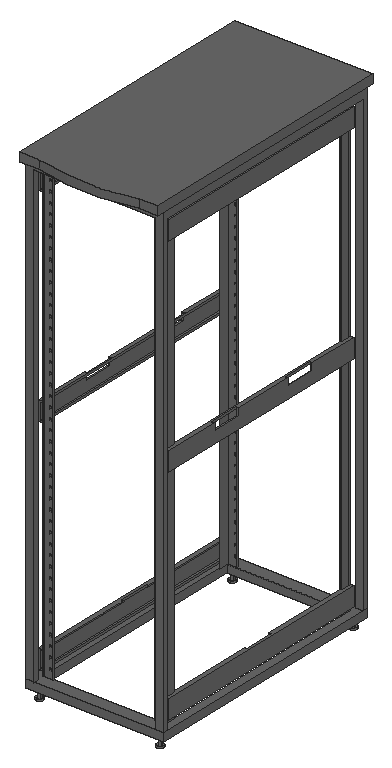
Revit family "V62A-45U-Without doors-08.04.14", category Electrical Equipment, Revit 2013
Parameters (values of type "V62A-45U")
  Weight = 0.00 lbf
  Visibility Door Right [instance] = and(Side Panel Right, not(Hide Doors))  # no
  Visibility Door Left [instance] = and(Side Panel Left, not(Hide Doors))  # no
  Visibility Door Front [instance] = and(Door Front, not(Hide Doors))  # no
  Visibility Door Back [instance] = and(Door Back, not(Hide Doors))  # no
  Version = ""
  Usable Depth = 1006.00 mm
  U/M = "EA"
  U Space = "45"
  System = "VPOD"
  Side Panel Right = no
  Side Panel Left = no
  Serial Number = ""
  Segment = "CSS"
  Ports = 0
  Mounting rail 45 U = SIEMON STEEL
  Mounting Rail Material = SIEMON STEEL
  Model = "V62A"
  Metal = SIEMON STEEL
  Manufacturer = "SIEMON"
  Lock = ""
  Loaded/Empty = "N/A"
  Item Group = "RACKS"
  Item Class = "1F"
  Hide Doors [instance] = no
  Door Front = no
  Door Construction Side = if(and(Side Panel Right, Side Panel Left), 2, if(and(not(Side Panel Right), not(Side Panel Left)), 0, 1))  # 0
  Door Construction Front = ""
  Door Construction Back = ""
  Door Back = no
  Description = "WARNING: PLEASE RELOAD FAMILY USING THE TYPE CATALOG"
  Color = "BLACK"
  Cabinet Width Overall = 600.00 mm
  Cabinet Height = 2150.00 mm
  Cabinet Depth = 1200.00 mm
Reference planes
  plane 1 "Center (Front/Back)": y = 0
  plane 2: z = 0
  plane 3 "Center (Left/Right)": x = 0
  plane 4: z = 2011.4
  plane 5: z = 1966.95
  plane 6: z = 1922.5
  plane 7: z = 1878.05
  plane 8: z = 1833.6
  plane 9: z = 1789.15
  plane 10: z = 1744.7
  plane 11: z = 1700.25
  plane 12: z = 1655.8
  plane 13: z = 1611.35
  plane 14: z = 1566.9
  plane 15: z = 1522.45
  plane 16: z = 1478
  plane 17: z = 1433.55
  plane 18: z = 1389.1
  plane 19: z = 1344.65
  plane 20: z = 1300.2
  plane 21: z = 1255.75
  plane 22: z = 1211.3
  plane 23: z = 1166.85
  plane 24: z = 1122.4
  plane 25: z = 1077.95
  plane 26: z = 1033.5
  plane 27: z = 989.05
  plane 28: z = 944.6
  plane 29: z = 900.15
  plane 30: z = 855.7
  plane 31: z = 811.25
  plane 32: z = 766.8
  plane 33: z = 722.35
  plane 34: z = 677.9
  plane 35: z = 633.45
  plane 36: z = 589
  plane 37: z = 544.55
  plane 38: z = 500.1
  plane 39: z = 455.65
  plane 40: z = 411.2
  plane 41: z = 366.75
  plane 42: z = 322.3
  plane 43: z = 277.85
  plane 44: z = 233.4
  plane 45: z = 188.95
  plane 46: z = 144.5
  plane 47: z = 100.05
  plane 48: z = 2055.85
Forms (mm)
  Extrusion 1, solid, material "SIEMON STEEL" <- "Mounting rail 45 U"
    sketch origin (0, -15, 10) x (1, 0, 0) y (0, 1, 0)
      loop
        line (301.386, 1185.006) -> (-298.7, 1185.006) -> (-298.7, 75) -> (301.386, 75) -> (301.386, 1185.006)
    from 2067.5 to 2098.45
  Extrusion 2, solid, material "SIEMON STEEL" <- "Mounting rail 45 U"
    sketch origin (0.137, -90, 0) x (1, 0, 0) y (0, 1, 0)
      loop
        line (266.25, 170.06) -> (266.25, 150) -> (301.25, 150) -> (301.25, 170.06) -> (266.25, 170.06)
      loop
        line (-298.75, 170.06) -> (-298.75, 150) -> (-263.75, 150) -> (-263.75, 170.06) -> (-298.75, 170.06)
      loop
        line (301.25, 1239.94) -> (301.25, 1260) -> (266.25, 1260) -> (266.25, 1239.94) -> (301.25, 1239.94)
      loop
        line (-298.75, 1239.94) -> (-263.75, 1239.94) -> (-263.75, 1260) -> (-298.75, 1260) -> (-298.75, 1239.94)
    from 76.059 to 2077.5
  Extrusion 3, solid, material "SIEMON STEEL" <- "Mounting Rail Material"
    sketch origin (0.02, 0, 17.656) x (1, 0, 0) y (0, 1, 0)
      loop
        line (-298.72, 1170.014) -> (-298.72, 60) -> (301.366, 60) -> (301.366, 1170.014) -> (-298.72, 1170.014)
      loop
        line (-265, 1114.655) -> (-265, 116.7) -> (265, 116.7) -> (265, 1114.655) -> (-265, 1114.655)
    from 23.024 to 58.374
  Extrusion 4, solid, material "SIEMON STEEL", detail levels medium+fine
    sketch origin (-25.335, 747.951, 0) x (1, 0, 0) y (0, 1, 0)
      loop
        circle (289.695, 392.503) r 15
    from 0 to 5.027
  Extrusion 5, solid, material "SIEMON STEEL"
    sketch origin (114.531, 200, 5) x (1, 0, 0) y (0, 1, 0)
      loop
        circle (149.594, 940.281) r 6
    from 0.027 to 35.68
  Extrusion 6, solid, material "SIEMON STEEL", detail levels medium+fine
    sketch origin (554.046, 480.196, 0) x (-1, 0, 0) y (0, -1, 0)
      loop
        circle (289.695, 392.503) r 15
    from 0 to 5.027
  Extrusion 7, solid, material "SIEMON STEEL"
    sketch origin (413.75, 1028.147, 3.439) x (-1, 0, 0) y (0, -1, 0)
      loop
        circle (149.594, 940.281) r 6
    from 1.589 to 37.242
  Extrusion 8, solid, material "SIEMON STEEL"
    sketch origin (0, -0.108, 10) x (1, 0, 0) y (0, 1, 0)
      loop
        line (-298.7, 27.143) -> (-215.299, 27.143)
        arc (-215.299, 27.143) -> (1.343, -0.26) -> (217.986, 27.143) r 870.066
        line (217.986, 27.143) -> (301.386, 27.143) -> (301.386, 1200.156) -> (-298.7, 1200.156) -> (-298.7, 27.143)
    from 2102.5 to 2140
  Extrusion 9, solid, material "SIEMON STEEL", detail levels medium+fine
    sketch origin (28.022, 747.951, 0) x (-1, 0, 0) y (0, -1, 0)
      loop
        circle (289.695, -392.503) r 15
    from 0 to 5.027
  Extrusion 10, solid, material "SIEMON STEEL"
    sketch origin (-111.845, 200, 5) x (-1, 0, 0) y (0, -1, 0)
      loop
        circle (149.594, -940.281) r 6
    from 0.027 to 35.68
  Extrusion 11, solid, material "SIEMON STEEL", detail levels medium+fine
    sketch origin (-551.36, 480.196, 0) x (1, 0, 0) y (0, 1, 0)
      loop
        circle (289.695, -392.503) r 15
    from 0 to 5.027
  Extrusion 12, solid, material "SIEMON STEEL"
    sketch origin (-411.064, 1028.147, 3.439) x (1, 0, 0) y (0, 1, 0)
      loop
        circle (149.594, -940.281) r 6
    from 1.589 to 37.242
Cuts and joins
  joined: Extrusion 1, Extrusion 2
Lines and regions (mm)
  Masking region 1, detail levels medium+fine
    outline origin (0, 0, 0) x (1, 0, 0) y (0, 1, 0)
      loop
        line (300, 1000.156) -> (-300, 1000.156) -> (-300, 27.5) -> (-297.984, 27.5)
        arc (-297.984, 27.5) -> (0, 0.5) -> (297.984, 27.5) r 1657.82
        line (297.984, 27.5) -> (300, 27.5) -> (300, 1000.156)
  symbolic lines, detail levels fine
    curve 1: line (-256.65, 1060, 65.3) -> (-256.65, 1060, 61.35)
    curve 2: line (256.65, 1060, 61.35) -> (256.65, 1060, 65.3)
  model lines, detail levels coarse+fine
    curve 3: line (231.288, 818.57, 2151.25) -> (-226.125, 818.57, 2151.25)
    curve 4: line (235.29, 814.567, 2151.25) -> (231.288, 818.57, 2151.25)
    curve 5: circle (-150.602, 805.152, 2151.25) r 6.221 normal (0, 0, 1)
    curve 6: circle (160.076, 805.152, 2151.25) r 6.221 normal (0, 0, 1)
    curve 7: line (231.288, 653.292, 2151.25) -> (-226.125, 653.292, 2151.25)
    curve 8: line (-226.125, 653.292, 2151.25) -> (-230.127, 657.295, 2151.25)
    curve 9: line (-230.127, 657.295, 2151.25) -> (-230.127, 814.567, 2151.25)
    curve 10: line (235.29, 814.567, 2151.25) -> (235.29, 657.295, 2151.25)
    curve 11: line (235.29, 657.295, 2151.25) -> (231.288, 653.292, 2151.25)
    curve 12: circle (-150.602, 666.71, 2151.25) r 6.221 normal (0, 0, -1)
    curve 13: circle (160.076, 666.71, 2151.25) r 6.221 normal (0, 0, -1)
    curve 14: line (-230.127, 814.567, 2151.25) -> (-226.125, 818.57, 2151.25)
    curve 15: line (231.288, 628.257, 2151.25) -> (-226.125, 628.257, 2151.25)
    curve 16: line (235.29, 624.254, 2151.25) -> (231.288, 628.257, 2151.25)
    curve 17: circle (-150.602, 614.839, 2151.25) r 6.221 normal (0, 0, 1)
    curve 18: circle (160.076, 614.839, 2151.25) r 6.221 normal (0, 0, 1)
    curve 19: line (231.288, 462.98, 2151.25) -> (-226.125, 462.98, 2151.25)
    curve 20: line (-226.125, 462.98, 2151.25) -> (-230.127, 466.982, 2151.25)
    curve 21: line (-230.127, 466.982, 2151.25) -> (-230.127, 624.254, 2151.25)
    curve 22: line (235.29, 624.254, 2151.25) -> (235.29, 466.982, 2151.25)
    curve 23: line (235.29, 466.982, 2151.25) -> (231.288, 462.98, 2151.25)
    curve 24: circle (-150.602, 476.398, 2151.25) r 6.221 normal (0, 0, -1)
    curve 25: circle (160.076, 476.398, 2151.25) r 6.221 normal (0, 0, -1)
    curve 26: line (-230.127, 624.254, 2151.25) -> (-226.125, 628.257, 2151.25)
    curve 27: line (231.288, 281.07, 2151.25) -> (-226.125, 281.07, 2151.25)
    curve 28: line (235.29, 277.067, 2151.25) -> (231.288, 281.07, 2151.25)
    curve 29: circle (-150.602, 267.652, 2151.25) r 6.221 normal (0, 0, 1)
    curve 30: circle (160.076, 267.652, 2151.25) r 6.221 normal (0, 0, 1)
    curve 31: line (231.288, 115.792, 2151.25) -> (-226.125, 115.792, 2151.25)
    curve 32: line (-226.125, 115.792, 2151.25) -> (-230.127, 119.795, 2151.25)
    curve 33: line (-230.127, 119.795, 2151.25) -> (-230.127, 277.067, 2151.25)
    curve 34: line (235.29, 277.067, 2151.25) -> (235.29, 119.795, 2151.25)
    curve 35: line (235.29, 119.795, 2151.25) -> (231.288, 115.792, 2151.25)
    curve 36: circle (-150.602, 129.21, 2151.25) r 6.221 normal (0, 0, -1)
    curve 37: circle (160.076, 129.21, 2151.25) r 6.221 normal (0, 0, -1)
    curve 38: line (-230.127, 277.067, 2151.25) -> (-226.125, 281.07, 2151.25)
    curve 39: line (231.288, 1076.222, 2151.25) -> (-226.125, 1076.222, 2151.25)
    curve 40: line (235.29, 1072.219, 2151.25) -> (231.288, 1076.222, 2151.25)
    curve 41: circle (-150.602, 1062.804, 2151.25) r 6.221 normal (0, 0, 1)
    curve 42: circle (160.076, 1062.804, 2151.25) r 6.221 normal (0, 0, 1)
    curve 43: line (231.288, 910.945, 2151.25) -> (-226.125, 910.945, 2151.25)
    curve 44: line (-226.125, 910.945, 2151.25) -> (-230.127, 914.947, 2151.25)
    curve 45: line (-230.127, 914.947, 2151.25) -> (-230.127, 1072.219, 2151.25)
    curve 46: line (235.29, 1072.219, 2151.25) -> (235.29, 914.947, 2151.25)
    curve 47: line (235.29, 914.947, 2151.25) -> (231.288, 910.945, 2151.25)
    curve 48: circle (-150.602, 924.363, 2151.25) r 6.221 normal (0, 0, -1)
    curve 49: circle (160.076, 924.363, 2151.25) r 6.221 normal (0, 0, -1)
    curve 50: line (-230.127, 1072.219, 2151.25) -> (-226.125, 1076.222, 2151.25)
  model lines
    curve 51: line (-218.947, 1110.919, 2151.25) -> (224.111, 1110.919, 2151.25)
    curve 52: line (-288.127, 1041.739, 2151.25) -> (-288.127, 497.462, 2151.25)
    curve 53: line (-219.266, 428.6, 2151.25) -> (224.429, 428.6, 2151.25)
    curve 54: line (290.233, 1044.798, 2151.25) -> (290.233, 494.404, 2151.25)
    curve 55: line (-218.947, 1110.919, 2151.25) -> (-288.127, 1041.739, 2151.25)
    curve 56: line (224.111, 1110.919, 2151.25) -> (290.233, 1044.798, 2151.25)
    curve 57: line (-219.266, 428.6, 2151.25) -> (-288.127, 497.462, 2151.25)
    curve 58: line (224.429, 428.6, 2151.25) -> (290.233, 494.404, 2151.25)
Dimensions and locks
  Extrusion 8 to Extrusion 6 = 2150.00 mm
  Extrusion 8 to Extrusion 8 = 600.086 mm
Nested families
  nested 1: "VersaPOD-Frame" at (0.084, 486.862, -7.333), type "VersaPOD-Frame"
  nested 2: "VersaPOD-Frame" at (0.853, 486.862, -7.333) x (-1, 0, 0) z (0, 0, 1), type "VersaPOD-Frame"
  nested 3: "VersaPOD-Frame" at (0.853, 743.86, -7.333) x (-1, 0, 0) z (0, 0, 1), type "VersaPOD-Frame"
  nested 4: "VersaPOD-Frame" at (0.084, 743.841, -7.333), type "VersaPOD-Frame"
  nested 5: "CC" at (-177.79, 277.47, 1070.285) x (0, -1, 0) z (-1, 0, 0), type "CC"
  nested 6: "CC-new" at (-177.813, 952.635, 100.3) x (0, 1, 0) z (-1, 0, 0), type "CC-new"
  nested 7: "CC-new" at (-177.812, 952.44, 1972.8) x (0, 1, 0) z (-1, 0, 0), type "CC-new"
  nested 8: "CC-new" at (179.032, 952.44, 1972.8) x (0, 1, 0) z (1, 0, 0), type "CC-new"
  nested 9: "CC" at (178.574, 277.47, 1070.285) x (0, -1, 0) z (1, 0, 0), type "CC"
  nested 10: "CC-new" at (178.373, 952.635, 100.3) x (0, 1, 0) z (1, 0, 0), type "CC-new"
Definition of nested family "VersaPOD-Frame"
  Parameters (values of type "VersaPOD-Frame")
    Material = none
    Assembly Code = ""
  Reference planes
    plane 1 "Center (Front/Back)": y = 0
    plane 2: z = 0
    plane 3 "Center (Left/Right)": x = 0
  Forms (mm)
    Extrusion 1, solid, material "SIEMON STEEL(1)"
      sketch origin (168.748, 374.529, 83.392) x (-1, 0, 0) y (0, 0, 1)
        loop
          line (-97.502, 2001.4) -> (-97.502, 0) -> (-54.5, 0) -> (-54.5, 2001.4) -> (-97.502, 2001.4)
        loop
          line (-66.648, 1999.2) -> (-66.648, 1989.7) -> (-57.148, 1989.7) -> (-57.148, 1999.2) -> (-66.648, 1999.2)
        loop
          line (-66.648, 1954.997) -> (-66.648, 1945.497) -> (-57.148, 1945.497) -> (-57.148, 1954.997) -> (-66.648, 1954.997)
        loop
          line (-66.648, 1901.097) -> (-57.148, 1901.097) -> (-57.148, 1910.597) -> (-66.648, 1910.597) -> (-66.648, 1901.097)
        loop
          line (-66.648, 1866.197) -> (-66.648, 1856.697) -> (-57.148, 1856.697) -> (-57.148, 1866.197) -> (-66.648, 1866.197)
        loop
          line (-66.648, 1777.397) -> (-66.648, 1767.897) -> (-57.148, 1767.897) -> (-57.148, 1777.397) -> (-66.648, 1777.397)
        loop
          line (-66.648, 1812.297) -> (-57.148, 1812.297) -> (-57.148, 1821.797) -> (-66.648, 1821.797) -> (-66.648, 1812.297)
        loop
          line (-66.648, 1599.797) -> (-66.648, 1590.297) -> (-57.148, 1590.297) -> (-57.148, 1599.797) -> (-66.648, 1599.797)
        loop
          line (-66.648, 1634.697) -> (-57.148, 1634.697) -> (-57.148, 1644.197) -> (-66.648, 1644.197) -> (-66.648, 1634.697)
        loop
          line (-66.648, 1723.497) -> (-57.148, 1723.497) -> (-57.148, 1732.997) -> (-66.648, 1732.997) -> (-66.648, 1723.497)
        loop
          line (-66.648, 1688.597) -> (-66.648, 1679.097) -> (-57.148, 1679.097) -> (-57.148, 1688.597) -> (-66.648, 1688.597)
        loop
          line (-66.648, 1244.597) -> (-66.648, 1235.097) -> (-57.148, 1235.097) -> (-57.148, 1244.597) -> (-66.648, 1244.597)
        loop
          line (-66.648, 1279.497) -> (-57.148, 1279.497) -> (-57.148, 1288.997) -> (-66.648, 1288.997) -> (-66.648, 1279.497)
        loop
          line (-66.648, 1368.297) -> (-57.148, 1368.297) -> (-57.148, 1377.797) -> (-66.648, 1377.797) -> (-66.648, 1368.297)
        loop
          line (-66.648, 1333.397) -> (-66.648, 1323.897) -> (-57.148, 1323.897) -> (-57.148, 1333.397) -> (-66.648, 1333.397)
        loop
          line (-66.648, 1545.897) -> (-57.148, 1545.897) -> (-57.148, 1555.397) -> (-66.648, 1555.397) -> (-66.648, 1545.897)
        loop
          line (-66.648, 1510.997) -> (-66.648, 1501.497) -> (-57.148, 1501.497) -> (-57.148, 1510.997) -> (-66.648, 1510.997)
        loop
          line (-66.648, 1422.197) -> (-66.648, 1412.697) -> (-57.148, 1412.697) -> (-57.148, 1422.197) -> (-66.648, 1422.197)
        loop
          line (-66.648, 1457.097) -> (-57.148, 1457.097) -> (-57.148, 1466.597) -> (-66.648, 1466.597) -> (-66.648, 1457.097)
        loop
          line (-66.648, 534.197) -> (-66.648, 524.697) -> (-57.148, 524.697) -> (-57.148, 534.197) -> (-66.648, 534.197)
        loop
          line (-66.648, 569.097) -> (-57.148, 569.097) -> (-57.148, 578.597) -> (-66.648, 578.597) -> (-66.648, 569.097)
        loop
          line (-66.648, 657.897) -> (-57.148, 657.897) -> (-57.148, 667.397) -> (-66.648, 667.397) -> (-66.648, 657.897)
        loop
          line (-66.648, 622.997) -> (-66.648, 613.497) -> (-57.148, 613.497) -> (-57.148, 622.997) -> (-66.648, 622.997)
        loop
          line (-66.648, 835.497) -> (-57.148, 835.497) -> (-57.148, 844.997) -> (-66.648, 844.997) -> (-66.648, 835.497)
        loop
          line (-66.648, 800.597) -> (-66.648, 791.097) -> (-57.148, 791.097) -> (-57.148, 800.597) -> (-66.648, 800.597)
        loop
          line (-66.648, 711.797) -> (-66.648, 702.297) -> (-57.148, 702.297) -> (-57.148, 711.797) -> (-66.648, 711.797)
        loop
          line (-66.648, 746.697) -> (-57.148, 746.697) -> (-57.148, 756.197) -> (-66.648, 756.197) -> (-66.648, 746.697)
        loop
          line (-66.648, 1190.697) -> (-57.148, 1190.697) -> (-57.148, 1200.197) -> (-66.648, 1200.197) -> (-66.648, 1190.697)
        loop
          line (-66.648, 1155.797) -> (-66.648, 1146.297) -> (-57.148, 1146.297) -> (-57.148, 1155.797) -> (-66.648, 1155.797)
        loop
          line (-66.648, 1066.997) -> (-66.648, 1057.497) -> (-57.148, 1057.497) -> (-57.148, 1066.997) -> (-66.648, 1066.997)
        loop
          line (-66.648, 1101.897) -> (-57.148, 1101.897) -> (-57.148, 1111.397) -> (-66.648, 1111.397) -> (-66.648, 1101.897)
        loop
          line (-66.648, 889.397) -> (-66.648, 879.897) -> (-57.148, 879.897) -> (-57.148, 889.397) -> (-66.648, 889.397)
        loop
          line (-66.648, 924.297) -> (-57.148, 924.297) -> (-57.148, 933.797) -> (-66.648, 933.797) -> (-66.648, 924.297)
        loop
          line (-66.648, 1013.097) -> (-57.148, 1013.097) -> (-57.148, 1022.597) -> (-66.648, 1022.597) -> (-66.648, 1013.097)
        loop
          line (-66.648, 978.197) -> (-66.648, 968.697) -> (-57.148, 968.697) -> (-57.148, 978.197) -> (-66.648, 978.197)
        loop
          line (-66.648, 480.297) -> (-57.148, 480.297) -> (-57.148, 489.797) -> (-66.648, 489.797) -> (-66.648, 480.297)
        loop
          line (-66.648, 445.397) -> (-66.648, 435.897) -> (-57.148, 435.897) -> (-57.148, 445.397) -> (-66.648, 445.397)
        loop
          line (-66.648, 356.597) -> (-66.648, 347.097) -> (-57.148, 347.097) -> (-57.148, 356.597) -> (-66.648, 356.597)
        loop
          line (-66.648, 391.497) -> (-57.148, 391.497) -> (-57.148, 400.997) -> (-66.648, 400.997) -> (-66.648, 391.497)
        loop
          line (-66.648, 178.997) -> (-66.648, 169.497) -> (-57.148, 169.497) -> (-57.148, 178.997) -> (-66.648, 178.997)
        loop
          line (-66.648, 213.897) -> (-57.148, 213.897) -> (-57.148, 223.397) -> (-66.648, 223.397) -> (-66.648, 213.897)
        loop
          line (-66.648, 302.697) -> (-57.148, 302.697) -> (-57.148, 312.197) -> (-66.648, 312.197) -> (-66.648, 302.697)
        loop
          line (-66.648, 267.797) -> (-66.648, 258.297) -> (-57.148, 258.297) -> (-57.148, 267.797) -> (-66.648, 267.797)
        loop
          line (-66.648, 125.097) -> (-57.148, 125.097) -> (-57.148, 134.597) -> (-66.648, 134.597) -> (-66.648, 125.097)
        loop
          line (-66.648, 90.197) -> (-66.648, 80.697) -> (-57.148, 80.697) -> (-57.148, 90.197) -> (-66.648, 90.197)
        loop
          line (-66.648, 36.297) -> (-57.148, 36.297) -> (-57.148, 45.797) -> (-66.648, 45.797) -> (-66.648, 36.297)
      from -2 to 0
    Extrusion 2, solid, material "SIEMON STEEL(1)"
      sketch origin (264.25, 275.026, 83.392) x (0, -1, 0) y (0, 0, 1)
        loop
          line (-97.502, 2001.4) -> (-97.502, 0) -> (-54.5, 0) -> (-54.5, 2001.4) -> (-97.502, 2001.4)
      from -2 to 0
  Lines and regions (mm)
    model lines
      curve 1: line (266.251, 332.174, 2082.592) -> (266.251, 341.674, 2082.592)
      curve 2: line (266.251, 332.174, 2073.092) -> (266.251, 332.174, 2082.592)
      curve 3: line (266.251, 341.674, 2073.092) -> (266.251, 332.174, 2073.092)
      curve 4: line (266.251, 341.674, 2082.592) -> (266.251, 341.674, 2073.092)
      curve 5: line (266.251, 332.174, 2038.311) -> (266.251, 341.674, 2038.311)
      curve 6: line (266.251, 332.174, 2028.811) -> (266.251, 332.174, 2038.311)
      curve 7: line (266.251, 341.674, 2028.811) -> (266.251, 332.174, 2028.811)
      curve 8: line (266.251, 341.674, 2038.311) -> (266.251, 341.674, 2028.811)
      curve 9: line (266.251, 332.174, 1993.911) -> (266.251, 341.674, 1993.911)
      curve 10: line (266.251, 332.174, 1984.411) -> (266.251, 332.174, 1993.911)
      curve 11: line (266.251, 341.674, 1984.411) -> (266.251, 332.174, 1984.411)
      curve 12: line (266.251, 341.674, 1993.911) -> (266.251, 341.674, 1984.411)
      curve 13: line (266.251, 332.174, 1772.269) -> (266.251, 341.674, 1772.269)
      curve 14: line (266.251, 332.174, 1762.769) -> (266.251, 332.174, 1772.269)
      curve 15: line (266.251, 341.674, 1762.769) -> (266.251, 332.174, 1762.769)
      curve 16: line (266.251, 341.674, 1772.269) -> (266.251, 341.674, 1762.769)
      curve 17: line (266.251, 332.174, 1727.988) -> (266.251, 341.674, 1727.988)
      curve 18: line (266.251, 332.174, 1718.488) -> (266.251, 332.174, 1727.988)
      curve 19: line (266.251, 341.674, 1718.488) -> (266.251, 332.174, 1718.488)
      curve 20: line (266.251, 341.674, 1727.988) -> (266.251, 341.674, 1718.488)
      curve 21: line (266.251, 332.174, 1683.588) -> (266.251, 341.674, 1683.588)
      curve 22: line (266.251, 332.174, 1674.088) -> (266.251, 332.174, 1683.588)
      curve 23: line (266.251, 341.674, 1674.088) -> (266.251, 332.174, 1674.088)
      curve 24: line (266.251, 341.674, 1683.588) -> (266.251, 341.674, 1674.088)
      curve 25: line (266.251, 332.174, 1461.827) -> (266.251, 341.674, 1461.827)
      curve 26: line (266.251, 332.174, 1452.327) -> (266.251, 332.174, 1461.827)
      curve 27: line (266.251, 341.674, 1452.327) -> (266.251, 332.174, 1452.327)
      curve 28: line (266.251, 341.674, 1461.827) -> (266.251, 341.674, 1452.327)
      curve 29: line (266.251, 332.174, 1417.547) -> (266.251, 341.674, 1417.547)
      curve 30: line (266.251, 332.174, 1408.047) -> (266.251, 332.174, 1417.547)
      curve 31: line (266.251, 341.674, 1408.047) -> (266.251, 332.174, 1408.047)
      curve 32: line (266.251, 341.674, 1417.547) -> (266.251, 341.674, 1408.047)
      curve 33: line (266.251, 332.174, 1373.147) -> (266.251, 341.674, 1373.147)
      curve 34: line (266.251, 332.174, 1363.647) -> (266.251, 332.174, 1373.147)
      curve 35: line (266.251, 341.674, 1363.647) -> (266.251, 332.174, 1363.647)
      curve 36: line (266.251, 341.674, 1373.147) -> (266.251, 341.674, 1363.647)
      curve 37: line (266.251, 332.174, 1151.505) -> (266.251, 341.674, 1151.505)
      curve 38: line (266.251, 332.174, 1142.005) -> (266.251, 332.174, 1151.505)
      curve 39: line (266.251, 341.674, 1142.005) -> (266.251, 332.174, 1142.005)
      curve 40: line (266.251, 341.674, 1151.505) -> (266.251, 341.674, 1142.005)
      curve 41: line (266.251, 332.174, 1107.224) -> (266.251, 341.674, 1107.224)
      curve 42: line (266.251, 332.174, 1097.724) -> (266.251, 332.174, 1107.224)
      curve 43: line (266.251, 341.674, 1097.724) -> (266.251, 332.174, 1097.724)
      curve 44: line (266.251, 341.674, 1107.224) -> (266.251, 341.674, 1097.724)
      curve 45: line (266.251, 332.174, 1062.824) -> (266.251, 341.674, 1062.824)
      curve 46: line (266.251, 332.174, 1053.324) -> (266.251, 332.174, 1062.824)
      curve 47: line (266.251, 341.674, 1053.324) -> (266.251, 332.174, 1053.324)
      curve 48: line (266.251, 341.674, 1062.824) -> (266.251, 341.674, 1053.324)
      curve 49: line (266.251, 332.174, 841.068) -> (266.251, 341.674, 841.068)
      curve 50: line (266.251, 332.174, 831.568) -> (266.251, 332.174, 841.068)
      curve 51: line (266.251, 341.674, 831.568) -> (266.251, 332.174, 831.568)
      curve 52: line (266.251, 341.674, 841.068) -> (266.251, 341.674, 831.568)
      curve 53: line (266.251, 332.174, 796.787) -> (266.251, 341.674, 796.787)
      curve 54: line (266.251, 332.174, 787.287) -> (266.251, 332.174, 796.787)
      curve 55: line (266.251, 341.674, 787.287) -> (266.251, 332.174, 787.287)
      curve 56: line (266.251, 341.674, 796.787) -> (266.251, 341.674, 787.287)
      curve 57: line (266.251, 332.174, 752.387) -> (266.251, 341.674, 752.387)
      curve 58: line (266.251, 332.174, 742.887) -> (266.251, 332.174, 752.387)
      curve 59: line (266.251, 341.674, 742.887) -> (266.251, 332.174, 742.887)
      curve 60: line (266.251, 341.674, 752.387) -> (266.251, 341.674, 742.887)
      curve 61: line (266.251, 332.174, 530.746) -> (266.251, 341.674, 530.746)
      curve 62: line (266.251, 332.174, 521.246) -> (266.251, 332.174, 530.746)
      curve 63: line (266.251, 341.674, 521.246) -> (266.251, 332.174, 521.246)
      curve 64: line (266.251, 341.674, 530.746) -> (266.251, 341.674, 521.246)
      curve 65: line (266.251, 332.174, 486.465) -> (266.251, 341.674, 486.465)
      curve 66: line (266.251, 332.174, 476.965) -> (266.251, 332.174, 486.465)
      curve 67: line (266.251, 341.674, 476.965) -> (266.251, 332.174, 476.965)
      curve 68: line (266.251, 341.674, 486.465) -> (266.251, 341.674, 476.965)
      curve 69: line (266.251, 332.174, 442.065) -> (266.251, 341.674, 442.065)
      curve 70: line (266.251, 332.174, 432.565) -> (266.251, 332.174, 442.065)
      curve 71: line (266.251, 341.674, 432.565) -> (266.251, 332.174, 432.565)
      curve 72: line (266.251, 341.674, 442.065) -> (266.251, 341.674, 432.565)
      curve 73: line (266.251, 332.174, 220.304) -> (266.251, 341.674, 220.304)
      curve 74: line (266.251, 332.174, 210.804) -> (266.251, 332.174, 220.304)
      curve 75: line (266.251, 341.674, 210.804) -> (266.251, 332.174, 210.804)
      curve 76: line (266.251, 341.674, 220.304) -> (266.251, 341.674, 210.804)
      curve 77: line (266.251, 332.174, 176.023) -> (266.251, 341.674, 176.023)
      curve 78: line (266.251, 332.174, 166.523) -> (266.251, 332.174, 176.023)
      curve 79: line (266.251, 341.674, 166.523) -> (266.251, 332.174, 166.523)
      curve 80: line (266.251, 341.674, 176.023) -> (266.251, 341.674, 166.523)
      curve 81: line (266.251, 332.174, 131.623) -> (266.251, 341.674, 131.623)
      curve 82: line (266.251, 332.174, 122.123) -> (266.251, 332.174, 131.623)
      curve 83: line (266.251, 341.674, 122.123) -> (266.251, 332.174, 122.123)
      curve 84: line (266.251, 341.674, 131.623) -> (266.251, 341.674, 122.123)
      curve 85: line (266.251, 332.174, 1949.63) -> (266.251, 341.674, 1949.63)
      curve 86: line (266.251, 332.174, 1940.13) -> (266.251, 332.174, 1949.63)
      curve 87: line (266.251, 341.674, 1940.13) -> (266.251, 332.174, 1940.13)
      curve 88: line (266.251, 341.674, 1949.63) -> (266.251, 341.674, 1940.13)
      curve 89: line (266.251, 332.174, 1905.23) -> (266.251, 341.674, 1905.23)
      curve 90: line (266.251, 332.174, 1895.73) -> (266.251, 332.174, 1905.23)
      curve 91: line (266.251, 341.674, 1895.73) -> (266.251, 332.174, 1895.73)
      curve 92: line (266.251, 341.674, 1905.23) -> (266.251, 341.674, 1895.73)
      curve 93: line (266.251, 332.174, 1860.95) -> (266.251, 341.674, 1860.95)
      curve 94: line (266.251, 332.174, 1851.45) -> (266.251, 332.174, 1860.95)
      curve 95: line (266.251, 341.674, 1851.45) -> (266.251, 332.174, 1851.45)
      curve 96: line (266.251, 341.674, 1860.95) -> (266.251, 341.674, 1851.45)
      curve 97: line (266.251, 332.174, 1816.55) -> (266.251, 341.674, 1816.55)
      curve 98: line (266.251, 332.174, 1807.05) -> (266.251, 332.174, 1816.55)
      curve 99: line (266.251, 341.674, 1807.05) -> (266.251, 332.174, 1807.05)
      curve 100: line (266.251, 341.674, 1816.55) -> (266.251, 341.674, 1807.05)
      curve 101: line (266.251, 332.174, 1639.308) -> (266.251, 341.674, 1639.308)
      curve 102: line (266.251, 332.174, 1629.808) -> (266.251, 332.174, 1639.308)
      curve 103: line (266.251, 341.674, 1629.808) -> (266.251, 332.174, 1629.808)
      curve 104: line (266.251, 341.674, 1639.308) -> (266.251, 341.674, 1629.808)
      curve 105: line (266.251, 332.174, 1594.908) -> (266.251, 341.674, 1594.908)
      curve 106: line (266.251, 332.174, 1585.408) -> (266.251, 332.174, 1594.908)
      curve 107: line (266.251, 341.674, 1585.408) -> (266.251, 332.174, 1585.408)
      curve 108: line (266.251, 341.674, 1594.908) -> (266.251, 341.674, 1585.408)
      curve 109: line (266.251, 332.174, 1550.627) -> (266.251, 341.674, 1550.627)
      curve 110: line (266.251, 332.174, 1541.127) -> (266.251, 332.174, 1550.627)
      curve 111: line (266.251, 341.674, 1541.127) -> (266.251, 332.174, 1541.127)
      curve 112: line (266.251, 341.674, 1550.627) -> (266.251, 341.674, 1541.127)
      curve 113: line (266.251, 332.174, 1506.227) -> (266.251, 341.674, 1506.227)
      curve 114: line (266.251, 332.174, 1496.727) -> (266.251, 332.174, 1506.227)
      curve 115: line (266.251, 341.674, 1496.727) -> (266.251, 332.174, 1496.727)
      curve 116: line (266.251, 341.674, 1506.227) -> (266.251, 341.674, 1496.727)
      curve 117: line (266.251, 332.174, 1328.866) -> (266.251, 341.674, 1328.866)
      curve 118: line (266.251, 332.174, 1319.366) -> (266.251, 332.174, 1328.866)
      curve 119: line (266.251, 341.674, 1319.366) -> (266.251, 332.174, 1319.366)
      curve 120: line (266.251, 341.674, 1328.866) -> (266.251, 341.674, 1319.366)
      curve 121: line (266.251, 332.174, 1284.466) -> (266.251, 341.674, 1284.466)
      curve 122: line (266.251, 332.174, 1274.966) -> (266.251, 332.174, 1284.466)
      curve 123: line (266.251, 341.674, 1274.966) -> (266.251, 332.174, 1274.966)
      curve 124: line (266.251, 341.674, 1284.466) -> (266.251, 341.674, 1274.966)
      curve 125: line (266.251, 332.174, 1240.185) -> (266.251, 341.674, 1240.185)
      curve 126: line (266.251, 332.174, 1230.685) -> (266.251, 332.174, 1240.185)
      curve 127: line (266.251, 341.674, 1230.685) -> (266.251, 332.174, 1230.685)
      curve 128: line (266.251, 341.674, 1240.185) -> (266.251, 341.674, 1230.685)
      curve 129: line (266.251, 332.174, 1195.785) -> (266.251, 341.674, 1195.785)
      curve 130: line (266.251, 332.174, 1186.285) -> (266.251, 332.174, 1195.785)
      curve 131: line (266.251, 341.674, 1186.285) -> (266.251, 332.174, 1186.285)
      curve 132: line (266.251, 341.674, 1195.785) -> (266.251, 341.674, 1186.285)
      curve 133: line (266.251, 332.174, 1018.543) -> (266.251, 341.674, 1018.543)
      curve 134: line (266.251, 332.174, 1009.043) -> (266.251, 332.174, 1018.543)
      curve 135: line (266.251, 341.674, 1009.043) -> (266.251, 332.174, 1009.043)
      curve 136: line (266.251, 341.674, 1018.543) -> (266.251, 341.674, 1009.043)
      curve 137: line (266.251, 332.174, 974.143) -> (266.251, 341.674, 974.143)
      curve 138: line (266.251, 332.174, 964.643) -> (266.251, 332.174, 974.143)
      curve 139: line (266.251, 341.674, 964.643) -> (266.251, 332.174, 964.643)
      curve 140: line (266.251, 341.674, 974.143) -> (266.251, 341.674, 964.643)
      curve 141: line (266.251, 332.174, 929.863) -> (266.251, 341.674, 929.863)
      curve 142: line (266.251, 332.174, 920.363) -> (266.251, 332.174, 929.863)
      curve 143: line (266.251, 341.674, 920.363) -> (266.251, 332.174, 920.363)
      curve 144: line (266.251, 341.674, 929.863) -> (266.251, 341.674, 920.363)
      curve 145: line (266.251, 332.174, 885.463) -> (266.251, 341.674, 885.463)
      curve 146: line (266.251, 332.174, 875.963) -> (266.251, 332.174, 885.463)
      curve 147: line (266.251, 341.674, 875.963) -> (266.251, 332.174, 875.963)
      curve 148: line (266.251, 341.674, 885.463) -> (266.251, 341.674, 875.963)
      curve 149: line (266.251, 332.174, 708.107) -> (266.251, 341.674, 708.107)
      curve 150: line (266.251, 332.174, 698.607) -> (266.251, 332.174, 708.107)
      curve 151: line (266.251, 341.674, 698.607) -> (266.251, 332.174, 698.607)
      curve 152: line (266.251, 341.674, 708.107) -> (266.251, 341.674, 698.607)
      curve 153: line (266.251, 332.174, 663.707) -> (266.251, 341.674, 663.707)
      curve 154: line (266.251, 332.174, 654.207) -> (266.251, 332.174, 663.707)
      curve 155: line (266.251, 341.674, 654.207) -> (266.251, 332.174, 654.207)
      curve 156: line (266.251, 341.674, 663.707) -> (266.251, 341.674, 654.207)
      curve 157: line (266.251, 332.174, 619.426) -> (266.251, 341.674, 619.426)
      curve 158: line (266.251, 332.174, 609.926) -> (266.251, 332.174, 619.426)
      curve 159: line (266.251, 341.674, 609.926) -> (266.251, 332.174, 609.926)
      curve 160: line (266.251, 341.674, 619.426) -> (266.251, 341.674, 609.926)
      curve 161: line (266.251, 332.174, 575.026) -> (266.251, 341.674, 575.026)
      curve 162: line (266.251, 332.174, 565.526) -> (266.251, 332.174, 575.026)
      curve 163: line (266.251, 341.674, 565.526) -> (266.251, 332.174, 565.526)
      curve 164: line (266.251, 341.674, 575.026) -> (266.251, 341.674, 565.526)
      curve 165: line (266.251, 332.174, 397.784) -> (266.251, 341.674, 397.784)
      curve 166: line (266.251, 332.174, 388.284) -> (266.251, 332.174, 397.784)
      curve 167: line (266.251, 341.674, 388.284) -> (266.251, 332.174, 388.284)
      curve 168: line (266.251, 341.674, 397.784) -> (266.251, 341.674, 388.284)
      curve 169: line (266.251, 332.174, 353.384) -> (266.251, 341.674, 353.384)
      curve 170: line (266.251, 332.174, 343.884) -> (266.251, 332.174, 353.384)
      curve 171: line (266.251, 341.674, 343.884) -> (266.251, 332.174, 343.884)
      curve 172: line (266.251, 341.674, 353.384) -> (266.251, 341.674, 343.884)
      curve 173: line (266.251, 332.174, 309.104) -> (266.251, 341.674, 309.104)
      curve 174: line (266.251, 332.174, 299.604) -> (266.251, 332.174, 309.104)
      curve 175: line (266.251, 341.674, 299.604) -> (266.251, 332.174, 299.604)
      curve 176: line (266.251, 341.674, 309.104) -> (266.251, 341.674, 299.604)
      curve 177: line (266.251, 332.174, 264.704) -> (266.251, 341.674, 264.704)
      curve 178: line (266.251, 332.174, 255.204) -> (266.251, 332.174, 264.704)
      curve 179: line (266.251, 341.674, 255.204) -> (266.251, 332.174, 255.204)
      curve 180: line (266.251, 341.674, 264.704) -> (266.251, 341.674, 255.204)
Definition of nested family "CC"
  Parameters (values of type "CC")
    Default Elevation = 1219.20 mm
  Reference planes
    plane 1 "Center (Front/Back)": y = 0
    plane 2: z = 0
    plane 3 "Center (Left/Right)": x = 0
  Forms (mm)
    Extrusion 1, solid
      sketch origin (0, 0, 0) x (1, 0, 0) y (0, 1, 0)
        loop
          line (-1219.2, 1219.2) -> (-1219.2, -1219.2) -> (1219.2, -1219.2) -> (1219.2, 1219.2) -> (-1219.2, 1219.2)
      from 0 to -304.8
    Extrusion 2, solid, material "SIEMON STEEL"
      sketch origin (-341.312, 0, 0) x (0, 1, 0) y (0, 0, 1)
        loop
          line (-1.769, 105.31) -> (-1.769, 87.225) -> (4.384, 87.225) -> (4.384, 98.86) -> (74.488, 98.86) -> (74.488, 87.225) -> (80.838, 87.225) -> (80.838, 105.31) -> (-1.769, 105.31)
      from -499.089 to 506.757
    Extrusion 3, void
      sketch origin (95, 0, 0) x (1, 0, 0) y (0, 1, 0)
        loop
          line (-177.308, 49.088) -> (-177.308, 80.838) -> (-308.689, 80.838) -> (-308.689, 49.088) -> (-177.308, 49.088)
        loop
          line (-577.136, 49.088) -> (-577.136, 80.838) -> (-708.869, 80.838) -> (-708.869, 49.088) -> (-577.136, 49.088)
      from 94.663 to 105.31
  Cuts and joins
    Extrusion 3 cuts Extrusion 2
  Dimensions and locks
    aligned and locked: plane 2 to Extrusion 1
    aligned and locked: level to Extrusion 1
Definition of nested family "CC-new"
  Parameters (values of type "CC-new")
    Default Elevation = 1219.20 mm
  Reference planes
    plane 1 "Center (Front/Back)": y = 0
    plane 2: z = 0
    plane 3 "Center (Left/Right)": x = 0
  Forms (mm)
    Extrusion 1, solid
      sketch origin (0, 0, 0) x (1, 0, 0) y (0, 1, 0)
        loop
          line (-1219.2, 1219.2) -> (-1219.2, -1219.2) -> (1219.2, -1219.2) -> (1219.2, 1219.2) -> (-1219.2, 1219.2)
      from 0 to -304.8
    Extrusion 2, solid, material "SIEMON STEEL"
      sketch origin (-341.312, 0, 0) x (0, 1, 0) y (0, 0, 1)
        loop
          line (-1.769, 105.31) -> (-1.769, 87.225) -> (4.384, 87.225) -> (4.384, 98.86) -> (74.488, 98.86) -> (74.488, 87.225) -> (80.838, 87.225) -> (80.838, 105.31) -> (-1.769, 105.31)
      from -499.089 to 507.04
    Extrusion 3, void
      sketch origin (100, 63.75, 0) x (1, 0, 0) y (0, 1, 0)
        loop
          line (-371.933, 10.738) -> (-371.933, 17.084) -> (-503.314, 17.084) -> (-503.314, 10.738) -> (-371.933, 10.738)
      from 87.225 to 92.572
  Cuts and joins
    Extrusion 3 cuts Extrusion 2
  Dimensions and locks
    Extrusion 3 sketch curve to cut or joined group of Extrusion 2, Extrusion 3 = 437.66 mm
    cut or joined group of Extrusion 2, Extrusion 3 to Extrusion 3 sketch curve = 437.087 mm
    aligned and locked: plane 2 to Extrusion 1
    aligned and locked: level to Extrusion 1
